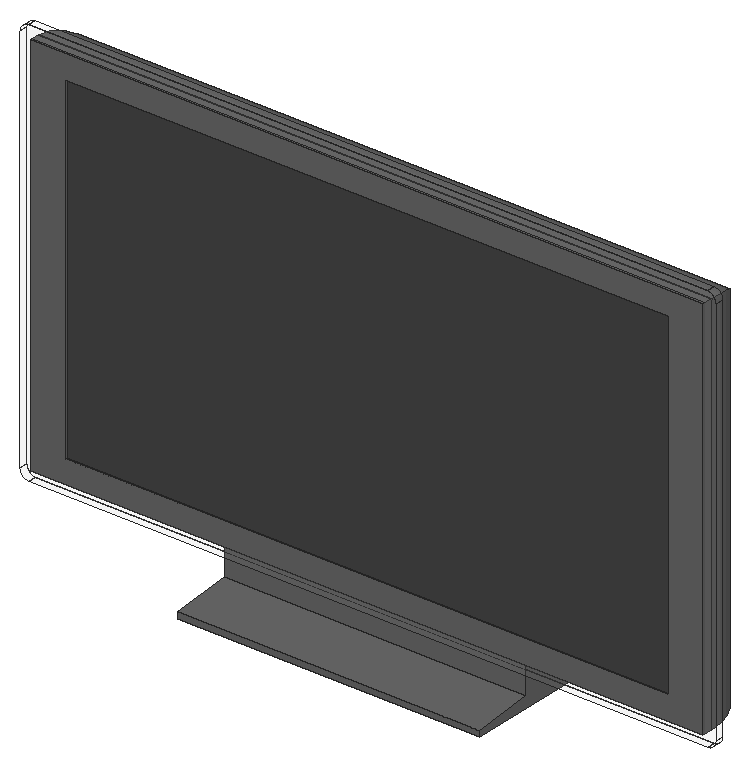
Revit family "M_TV - Tela plana", category Mobiliário, Revit 2019
Family settings
  Com base no plano de trabalho = Não
  Sempre na vertical = Sim
  Corte com vazios quando carregada = Não
  Compartilhado = Não
  Ponto de cálculo do ambiente = Não
Parameters (values of type "1190mm")
  SinAng = (sin(29.36°) * 1 mm)  # 0.49 mm
  Suporte [instance] = yes
  L = (Diagonal / 1 mm) * CosAng  # 1037.152 mm
  H = (Diagonal / 1 mm) * SinAng  # 583.452 mm
  Espessura = 110 mm
  Diagonal = 1190 mm
  CosAng = (cos(29.36°) * 1 mm)  # 0.872 mm
Types (6, lengths in mm): name | L | H | Diagonal
  (no name) | 1037.152 | 583.452 | 1190
  0810mm | 705.961 | 397.139 | 810
  0940mm | 819.263 | 460.878 | 940
  1070mm | 932.565 | 524.616 | 1070
  1190mm | 1037.152 | 583.452 | 1190
  1270mm | 1106.877 | 622.675 | 1270
Reference planes
  plane 1 "Parte posterior": y = 58.539
  plane 2: z = 0
  plane 3 "Centro (Esquerda/Direita)": x = -3.945
  plane 4: x = -522.521
  plane 5: x = 514.631
  plane 6: z = 120
  plane 7: z = 703.452
  plane 8: z = 411.726
  plane 9: y = -51.461
  plane 10: x = -263.233
  plane 11: x = 255.343
Forms (mm)
  Extrusion 1, solid, material "TV - Preto"
    sketch origin (0, 58.539, 0) x (1, 0, 0) y (0, 0, 1)
      loop
        line (-582.521, 743.452) -> (-582.521, 80) -> (574.631, 80) -> (574.631, 743.452) -> (-582.521, 743.452)
    from 0 to 110
  Sweep 2, void
    path in 3D
      loop
        line (574.631, -51.461, 80) -> (574.631, -51.461, 743.452) -> (-582.521, -51.461, 743.452) -> (-582.521, -51.461, 80)
    profile origin (-582.521, -51.461, 411.726) x (-1, 0, 0) y (0, -1, 0)
      loop
        arc (0, 0) -> (-32.218, -77.782) -> (-110, -110) r 110
        line (-110, -110) -> (0, -110) -> (0, 0)
  Extrusion 3, solid, material "TV - Vidro"
    sketch origin (1583.302, -51.461, 1200) x (1, 0, 0) y (0, 0, 1)
      loop
        arc (-2170.822, -436.548) -> (-2181.429, -440.942) -> (-2185.822, -451.548) r 15
        line (-2185.822, -451.548) -> (-2185.822, -1125)
        arc (-2185.822, -1125) -> (-2181.429, -1135.607) -> (-2170.822, -1140) r 15
        line (-2170.822, -1140) -> (-1003.67, -1140)
        arc (-1003.67, -1140) -> (-993.064, -1135.607) -> (-988.67, -1125) r 15
        line (-988.67, -1125) -> (-988.67, -451.548)
        arc (-988.67, -451.548) -> (-993.064, -440.942) -> (-1003.67, -436.548) r 15
        line (-1003.67, -436.548) -> (-2170.822, -436.548)
      loop
        line (-2165.822, -456.548) -> (-2165.822, -1120) -> (-1008.67, -1120) -> (-1008.67, -456.548) -> (-2165.822, -456.548)
    from 0 to 15
  Extrusion 4, solid, material "TV - Preto"
    sketch origin (1583.302, -51.461, 1200) x (1, 0, 0) y (0, 0, 1)
      loop
        line (-2165.822, -456.548) -> (-2165.822, -1120) -> (-1008.67, -1120) -> (-1008.67, -456.548) -> (-2165.822, -456.548)
    from 0 to 18
  Extrusion 5, void
    sketch origin (1583.302, -51.461, 1200) x (-1, 0, 0) y (0, 0, 1)
      loop
        line (1068.67, -496.548) -> (1068.67, -1080) -> (2105.822, -1080) -> (2105.822, -496.548) -> (1068.67, -496.548)
    from -15 to -30
  Extrusion 6, solid, material "TV - Preto", visible <- "Suporte"
    sketch origin (-263.233, -1524, -186.653) x (0, 0, -1) y (0, -1, 0)
      loop
        line (-186.653, -1472.539) -> (-266.653, -1472.539) -> (-266.653, -1522.539) -> (-186.653, -1572.539) -> (-186.653, -1472.539)
    from 0 to -518.576
  Extrusion 7, solid, material "TV - Preto", visible <- "Suporte"
    sketch origin (-263.233, -1524, -186.653) x (0, 0, -1) y (0, -1, 0)
      loop
        line (-186.653, -1372.539) -> (-196.653, -1372.539) -> (-206.653, -1472.539) -> (-186.653, -1472.539) -> (-186.653, -1372.539)
    from 0 to -518.576
Cuts and joins
  Sweep 2, Extrusion 5 cuts Extrusion 1
  Extrusion 5 cuts Extrusion 3
  Extrusion 5 cuts Extrusion 4
  joined: Extrusion 6, Extrusion 7
Lines and regions (mm)
  sketch lines
    curve 1: line (-582.521, -51.461, 743.452) -> (-582.521, -51.461, 80)
    curve 2: line (574.631, -51.461, 743.452) -> (-582.521, -51.461, 743.452)
    curve 3: line (574.631, -51.461, 80) -> (574.631, -51.461, 743.452)
  model lines, detail levels medium+fine
    curve 4: line (-532.521, -69.461, 110) -> (-552.521, -69.461, 110)
    curve 5: line (-532.521, -69.461, 90) -> (-532.521, -69.461, 110)
    curve 6: line (-552.521, -69.461, 90) -> (-532.521, -69.461, 90)
    curve 7: line (-552.521, -69.461, 110) -> (-552.521, -69.461, 90)
Dimensions and locks
  equal spacing: plane 7, plane 8, plane 6
  "H": plane 7 to plane 6
  equal spacing: plane 5, plane 3 "Centro (Esquerda/Direita)", plane 4
  "L": plane 5 to plane 4
  locked: plane 4 to Extrusion 1 sketch curve at 60
  locked: Extrusion 1 sketch curve to plane 5 at 60
  locked: Extrusion 1 sketch curve to plane 7 at 40
  locked: plane 6 to Extrusion 1 sketch curve at 40
  "Espessura": plane 9 to plane 1 "Parte posterior"
  locked: Extrusion 3 sketch curve to plane 7 at 60
  locked: plane 6 to Extrusion 3 sketch curve at 60
  locked: plane 4 to Extrusion 3 sketch curve at 80
  locked: Extrusion 3 sketch curve to plane 5 at 80
  locked: plane 4 to Extrusion 4 sketch curve at 60
  locked: Extrusion 4 sketch curve to plane 5 at 60
  locked: Extrusion 4 sketch curve to plane 7 at 40
  locked: plane 6 to Extrusion 4 sketch curve at 40
  locked: Extrusion 3 sketch curve to plane 7 at 40
  locked: plane 6 to Extrusion 3 sketch curve at 40
  locked: plane 4 to Extrusion 3 sketch curve at 60
  locked: Extrusion 3 sketch curve to plane 5 at 60
  equal spacing: plane 3 "Centro (Esquerda/Direita)", plane 10, plane 4
  equal spacing: plane 5, plane 11, plane 3 "Centro (Esquerda/Direita)"
  locked: Extrusion 6 sketch curve to plane 6 at 40
  locked: plane 9 to Extrusion 6 sketch curve at 100
  locked: Extrusion 7 sketch curve to plane 2 at 10
  locked: Extrusion 7 sketch curve to plane 2 at 20
  "Espessura": radius of Sweep 2 sketch curve
  aligned and locked: plane 9 to Extrusion 1
  aligned and locked: profile plane to Sweep 2 sketch curve
  aligned and locked: Sweep 2 sketch curve to plane 1 "Parte posterior"
  aligned and locked: Extrusion 5 sketch curve to plane 5
  aligned and locked: Extrusion 5 sketch curve to plane 7
  aligned and locked: plane 4 to Extrusion 5 sketch curve
  aligned and locked: Extrusion 5 sketch curve to plane 6
  aligned and locked: Extrusion 6 sketch curve to plane 9
  aligned and locked: plane 2 to Extrusion 6 sketch curve
  aligned and locked: Extrusion 6 to plane 11
  aligned and locked: Extrusion 7 to plane 11
  aligned and locked: Extrusion 7 sketch curve to plane 2
Automatic sketch dimensions
  Sweep 2 sketch curve to profile plane = 0 mm  (x3)
  Sweep 2 sketch curve to Sweep 2 sketch curve = 0 mm
  Extrusion 3 sketch curve to Extrusion 3 sketch curve = 15 mm  (x4)
  curve 6 to curve 6 = 20 mm
  curve 6 to Extrusion 4 = 10 mm
  curve 5 to curve 5 = 20 mm
  curve 4 to Extrusion 4 = 30 mm
  plane 1 "Parte posterior" to Extrusion 6 sketch curve = 60 mm
  Extrusion 7 sketch curve to plane 9 = 0 mm
  plane 9 to Extrusion 7 sketch curve = 100 mm
